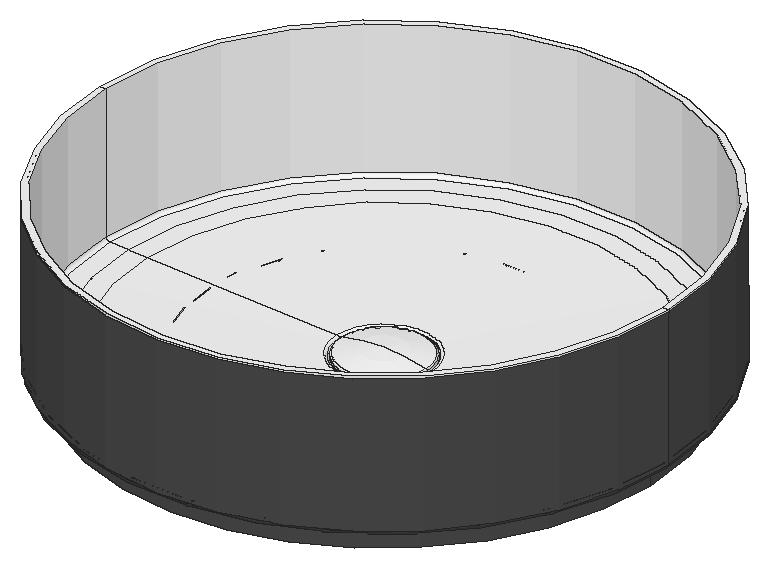
Revit family "Reece_Basin_Alape_Unisono_Above Counter Basin_400 mm", category Plumbing Fixtures, host Face, Revit 2018
Family settings
  Host = Face
  Round Connector Dimension = Use Diameter
  Part Type = Normal
  Cut with Voids When Loaded = No
  Shared = Yes
  Room Calculation Point = Yes
Parameters (values of type "Bi-Colour")
  WFU = 0  # constant formula
  URL = "https://www.reece.com.au/product/-9508141"
  Type Comments = "Basin"
  Reece_Product_Web Page = "https://www.reece.com.au/product/-9508141"
  Reece_Product_Type = "Basin"  # constant formula
  Reece_Product_Sub Brand = "Unisono"  # constant formula
  Reece_Product_Number = "9508141"
  Reece_Product_Mount = "Above Counter"
  Reece_Product_Description = "Alape Unisono Counter Basin 400mm Bi-Colour"
  Reece_Product_Brand = "Alape"  # constant formula
  Reece_Overall_Width = 400 mm  # constant formula
  Reece_Overall_Length = 400 mm  # constant formula
  Reece_Overall_Height = 115 mm  # constant formula
  Reece_Overall_Capacity = 11.50 L  # constant formula
  Reece_Material_Secondary = Reece_Metal_Steel Enamelled_White
  Reece_Material_Colour = Reece_Metal_Steel Enamelled_Matte Black
  Reece_Material_Base = Reece_Metal_Steel Enamelled_Matte Black
  Reece_Material_Main = Reece_Metal_Steel Enamelled_White
  Reece_Detail_Installation = "Above Counter"  # constant formula
  Reece_Detail_Disclaimer = "THIS FILE IS THE PROPERTY OF THE REECE GROUP. IT MAY NOT BE REPRODUCED, REVERSE-ENGINEERED OR MODIFIED. ANY REPUBLICATION, TRANSMISSION OR DISTRIBUTION FOR THE PURPOSE OF COMMERCIALLY EXPLOITING THE FILES IS PROHIBITED."  # constant formula
  Reece_Detail_Connector = "No Taphole"  # constant formula
  Reece_Detail_Additional = "No Overflow"  # constant formula
  Reece_Basin_Outlet = 40 mm  # constant formula
  Model = "Unisono"
  Manufacturer = "Alape"
  Keynote = "Product #9508141, Reece_Basin_Alape_Unisono_Above Counter Basin_400 mm - Bi-Colour"
  HWFU = 0  # constant formula
  Disclaimer = "THIS FILE IS THE PROPERTY OF THE REECE GROUP. IT MAY NOT BE REPRODUCED, REVERSE-ENGINEERED OR MODIFIED. ANY REPUBLICATION, TRANSMISSION OR DISTRIBUTION FOR THE PURPOSE OF COMMERCIALLY EXPLOITING THE FILES IS PROHIBITED."  # constant formula
  Description = "Alape Unisono Counter Basin 400mm Bi-Colour"
  Default Elevation = 1000 mm
  CWFU = 0  # constant formula
Types (3, lengths in mm): name | URL | Reece_Product_Web Page | Reece_Product_Number | Reece_Product_Description | Reece_Material_Secondary | Reece_Material_Colour | Reece_Material_Main | Keynote | Description
  Matte Black | "https://www.reece.com.au/product/-9506942" | "https://www.reece.com.au/product/-9506942" | "9506942" | "Alape Unisono Counter Basin 400mm Matte Black" | Reece_Brass_Chrome | Reece_Metal_Steel Enamelled_Matte Black | Reece_Metal_Steel Enamelled_Matte Black | "Product #9506942, Reece_Basin_Alape_Unisono_Above Counter Basin_400 mm - Matte Black" | "Alape Unisono Counter Basin 400mm Matte Black"
  Bi-Colour | "https://www.reece.com.au/product/-9508141" | "https://www.reece.com.au/product/-9508141" | "9508141" | "Alape Unisono Counter Basin 400mm Bi-Colour" | Reece_Metal_Steel Enamelled_White | Reece_Metal_Steel Enamelled_Matte Black | Reece_Metal_Steel Enamelled_White | "Product #9508141, Reece_Basin_Alape_Unisono_Above Counter Basin_400 mm - Bi-Colour" | "Alape Unisono Counter Basin 400mm Bi-Colour"
  White | "https://www.reece.com.au/product/-9503959" | "https://www.reece.com.au/product/-9503959" | "9503959" | "Alape Unisono Counter Basin 400mm White" | Reece_Brass_Chrome | Reece_Metal_Steel Enamelled_White | Reece_Metal_Steel Enamelled_White | "Product #9503959, Reece_Basin_Alape_Unisono_Above Counter Basin_400 mm - White" | "Alape Unisono Counter Basin 400mm White\r\nAlape Unisono Counter Basin 400mm White\r\nAlape Unisono Counter Basin 400mm White"
Reference planes
  plane 1 "Center (Front/Back)": y = -79.125
  plane 2 "Bottom": z = 0
  plane 3 "Center (Left/Right)": x = 0
  plane 4: x = 200
  plane 5: x = -200
  plane 6: z = 15
  plane 7: y = 120.875
  plane 8: y = -279.125
  plane 9: z = 115
Forms (mm)
  Revolve 1, solid, material "Reece_Metal_Steel Enamelled_Matte Black" <- "Reece_Material_Colour"
    sketch origin (0, -79.125, 0) x (1, 0, 0) y (0, 0, 1)
      loop
        line (-200, 113.495) -> (-200, 17.5)
        arc (-200, 17.5) -> (-199.268, 15.732) -> (-197.5, 15) r 2.5
        line (-197.5, 15) -> (-175.5, 15) -> (-175.5, 17.057) -> (-195.51, 17.057)
        arc (-195.51, 17.057) -> (-197.278, 17.789) -> (-198.01, 19.557) r 2.5
        line (-198.01, 19.557) -> (-198.01, 113.495) -> (-200, 113.495)
      axis (0, 113.495) -> (0, 15)
    angle from 0 to 360
  Revolve 2, solid, material "Reece_Metal_Steel Enamelled_White" <- "Reece_Material_Main"
    sketch origin (0, -79.125, 0) x (1, 0, 0) y (0, 0, 1)
      loop
        line (-200, 115) -> (-200, 113.495) -> (-198, 113.495) -> (-198, 19.557)
        arc (-198, 19.557) -> (-197.268, 17.789) -> (-195.5, 17.057) r 2.5
        line (-195.5, 17.057) -> (-139.428, 17.057)
        arc (-139.428, 17.057) -> (-138.608, 16.802) -> (-138.079, 16.125) r 1.442
        arc (-138.079, 16.125) -> (-137.116, 14.895) -> (-135.625, 14.43) r 2.625
        line (-135.625, 14.43) -> (-134.721, 14.43) -> (-132.394, 12.079)
        arc (-132.394, 12.079) -> (-130.421, 11.262) -> (-128.448, 12.079) r 2.79
        line (-128.448, 12.079) -> (-127.339, 13.188) -> (-125.218, 13.188)
        arc (-125.218, 13.188) -> (-123.807, 13.601) -> (-122.841, 14.709) r 2.616
        arc (-122.841, 14.709) -> (-122.015, 15.647) -> (-120.81, 15.977) r 2.182
        line (-120.81, 15.977) -> (-34.301, 14.86)
        arc (-34.301, 14.86) -> (-33.295, 14.596) -> (-32.516, 13.905) r 2.242
        line (-32.516, 13.905) -> (-22.78, 0) -> (-20.013, 0) -> (-31.263, 16.067)
        arc (-31.263, 16.067) -> (-32.133, 16.836) -> (-33.256, 17.125) r 2.483
        line (-33.256, 17.125) -> (-165.911, 19.311)
        arc (-165.911, 19.311) -> (-172.857, 19.396) -> (-179.803, 19.425) r 843.514
        line (-179.803, 19.425) -> (-193.2, 19.425)
        arc (-193.2, 19.425) -> (-194.968, 20.157) -> (-195.7, 21.925) r 2.5
        line (-195.7, 21.925) -> (-195.7, 115) -> (-200, 115)
      axis (0, 115) -> (0, 0)
    angle from 0 to 360
  Extrusion 3, void
    sketch origin (0, 0, 0) x (1, 0, 0) y (0, 1, 0)
      loop
        circle (0, -79.125) r 22.5
    from -57.378 to 33.548
  Revolve 4, solid, material "Reece_Metal_Steel Enamelled_White" <- "Reece_Material_Secondary"
    sketch origin (0, -79.125, 20.532) x (1, 0, 0) y (0, 0, 1)
      loop
        line (0, -40.898) -> (0, 0.6)
        arc (0, 0.6) -> (-14.638, -0.343) -> (-29.087, -2.869) r 134.909
        arc (-29.087, -2.869) -> (-29.744, -3.284) -> (-30, -4.017) r 1.179
        line (-30, -4.017) -> (-30, -6.155) -> (-18.461, -6.155) -> (-18.461, -40.898) -> (0, -40.898)
      axis (0, -40.898) -> (0, 0.6)
    angle from 0 to 360
  Revolve 5, solid, material "Reece_Metal_Steel Enamelled_Matte Black" <- "Reece_Material_Base"
    sketch origin (0, -79.125, 0) x (1, 0, 0) y (0, 0, 1)
      loop
        line (-187.5, 15) -> (-187.5, 0) -> (-175.5, 0) -> (-175.5, 15) -> (-187.5, 15)
      axis (0, 15) -> (0, 0)
    angle from 0 to 360
Text (mm)
  text "Reece Copyright © 2018, Reece Ltd." at (-902.343, -740.328, 0), in view "Ref. Level"
  text "Reece ©" at (44.384, 258.95, 192.345), in view "Reece Preview"
Dimensions and locks
  equal spacing: plane 5, plane 3 "Center (Left/Right)", plane 4
  "Reece_Overall_Width": plane 5 to plane 4
  "Reece_Overall_Height": plane 9 to host face
  plane 9 to plane 6 = 100 mm
  "Reece_Overall_Width": plane 5 to Revolve 2
  plane 9 to Revolve 5 = 100 mm
  "Reece_Overall_Height": Revolve 2 to plane 2 "Bottom"
  "Reece_Overall_Length": plane 7 to plane 9
  aligned and locked: host face to plane 2 "Bottom"
  aligned and locked: level to host face
Automatic sketch dimensions
  host sketch curve to host sketch curve = 801.051 mm
  host sketch curve to host sketch curve = 660.299 mm
  plane 1 "Center (Front/Back)" to Extrusion 3 sketch curve = 0 mm
  Extrusion 3 sketch curve to plane 3 "Center (Left/Right)" = 0 mm
  Revolve 4 sketch curve to plane 3 "Center (Left/Right)" = 0 mm  (x2)
  Revolve 4 sketch curve to Revolve 4 sketch curve = 18.461 mm
  plane 6 to Revolve 4 sketch curve = 1.514 mm
  Revolve 4 sketch curve to Revolve 4 sketch curve = 10.36 mm
  Revolve 4 sketch curve to plane 6 = 0.623 mm
  Revolve 4 sketch curve to Revolve 4 sketch curve = 1.179 mm
  plane 3 "Center (Left/Right)" to Revolve 4 sketch curve = 1.338 mm
  Revolve 4 sketch curve to level = 20.367 mm
  Revolve 4 sketch curve to Revolve 4 sketch curve = 93.404 mm
  plane 6 to Revolve 4 sketch curve = 6.131 mm
  level to Revolve 4 sketch curve = 7.478 mm
  Revolve 4 sketch curve to Revolve 4 sketch curve = 0 mm
  Revolve 5 sketch curve to plane 6 = 0 mm
  Revolve 5 sketch curve to level = 0 mm  (x2)
  Revolve 5 sketch curve to plane 3 "Center (Left/Right)" = 0 mm
  plane 6 to Revolve 5 sketch curve = 10 mm
  Revolve 5 sketch curve to plane 5 = 24.5 mm
  Revolve 5 sketch curve to Revolve 5 sketch curve = 12 mm
  plane 5 to Revolve 2 sketch curve = 0 mm
  Revolve 2 sketch curve to level = 0 mm  (x2)
  Revolve 2 sketch curve to plane 3 "Center (Left/Right)" = 0 mm
  Revolve 2 sketch curve to plane 5 = 2 mm
  Revolve 2 sketch curve to Revolve 2 sketch curve = 2.3 mm
  Revolve 2 sketch curve to Revolve 2 sketch curve = 0.2 mm
  Revolve 2 sketch curve to Revolve 2 sketch curve = 2.5 mm
  Revolve 2 sketch curve to plane 5 = 20.197 mm
  plane 6 to Revolve 2 sketch curve = 4.311 mm
  Revolve 2 sketch curve to Revolve 2 sketch curve = 13.893 mm
  plane 6 to Revolve 2 sketch curve = 0.615 mm
  Revolve 2 sketch curve to Revolve 2 sketch curve = 26.483 mm
  plane 6 to Revolve 2 sketch curve = 2.055 mm
  Revolve 2 sketch curve to Revolve 2 sketch curve = 3.804 mm
  Revolve 2 sketch curve to plane 6 = 0.57 mm
  Revolve 2 sketch curve to Revolve 2 sketch curve = 0.904 mm
  Revolve 2 sketch curve to plane 6 = 2.921 mm  (x2)
  Revolve 2 sketch curve to Revolve 2 sketch curve = 2.327 mm
  Revolve 2 sketch curve to plane 6 = 0.948 mm
  Revolve 2 sketch curve to Revolve 2 sketch curve = 1.973 mm
  Revolve 2 sketch curve to Revolve 2 sketch curve = 1.108 mm  (x2)
  plane 6 to Revolve 2 sketch curve = 0.804 mm
  Revolve 2 sketch curve to Revolve 2 sketch curve = 2.122 mm
  Revolve 2 sketch curve to plane 6 = 1.204 mm
  Revolve 2 sketch curve to Revolve 2 sketch curve = 4.358 mm
  plane 6 to Revolve 2 sketch curve = 0.977 mm
  Revolve 2 sketch curve to Revolve 2 sketch curve = 0.05 mm
  Revolve 2 sketch curve to plane 6 = 2.381 mm
  Revolve 2 sketch curve to plane 3 "Center (Left/Right)" = 34.352 mm
  Revolve 2 sketch curve to plane 6 = 0.14 mm
  Revolve 2 sketch curve to Revolve 2 sketch curve = 0.051 mm
  Revolve 2 sketch curve to plane 6 = 0.357 mm
  Revolve 2 sketch curve to Revolve 2 sketch curve = 1.004 mm
  plane 6 to Revolve 2 sketch curve = 2.125 mm
  Revolve 2 sketch curve to Revolve 2 sketch curve = 0.041 mm
  Revolve 2 sketch curve to plane 6 = 1.095 mm
  plane 6 to Revolve 2 sketch curve = 1.067 mm
  Revolve 2 sketch curve to Revolve 2 sketch curve = 9.737 mm
  Revolve 2 sketch curve to Revolve 2 sketch curve = 2.767 mm
  Revolve 2 sketch curve to level = 824.089 mm
  plane 6 to Revolve 2 sketch curve = 2.057 mm
  Revolve 2 sketch curve to Revolve 2 sketch curve = 1.505 mm
  plane 6 to Revolve 2 sketch curve = 6.397 mm
  Revolve 2 sketch curve to plane 9 = 1.505 mm
  plane 5 to Revolve 1 sketch curve = 0 mm
  Revolve 1 sketch curve to plane 6 = 0 mm
  Revolve 1 sketch curve to plane 3 "Center (Left/Right)" = 0 mm
  Revolve 1 sketch curve to level = 0 mm
  Revolve 1 sketch curve to plane 5 = 1.99 mm
  Revolve 1 sketch curve to plane 5 = 2.5 mm
  Revolve 1 sketch curve to Revolve 1 sketch curve = 2.5 mm
  Revolve 1 sketch curve to Revolve 1 sketch curve = 20.01 mm
  plane 6 to Revolve 1 sketch curve = 2.057 mm
  Revolve 1 sketch curve to plane 9 = 1.505 mm
  plane 9 to Revolve 1 sketch curve = 15 mm
  radius of Extrusion 3 sketch curve = 22.5 mm
Connectors
  piping at (0, -79.125, -20.367), diameter 40, driven by "Reece_Basin_Outlet"
    settings: on Revolve 4, index 1, connector inside diameter 609.6 mm, connector length 0 mm, flow factor 0, pipe flow 0.0 L/s, pressure drop 0.0 Pa, fitting loss kfactor 0, connector angle 0.00°, fixture units 0, engagement length 0 mm, angle of deflection 0.00°, flow configuration 0, flow direction 2, fitting loss method 0, system type 16, joint type 0, gender type 0, connector reference index -1, connector utility 0, adjustable connector no, is connector primary yes, connector description ""
